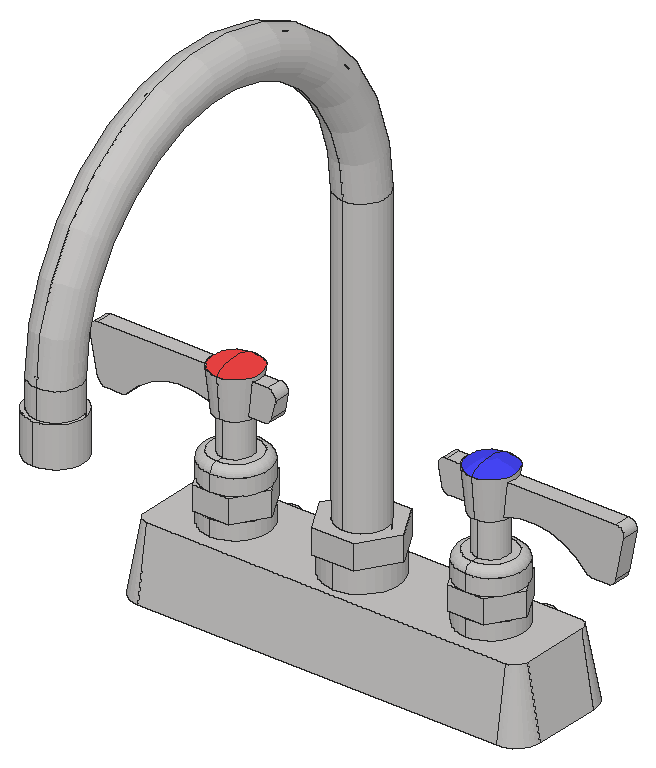
Revit family "Krowne_15-301L_DeckMount_Faucet", category Plumbing Fixtures, Revit 2018
Family settings
  Round Connector Dimension = Use Diameter
  Part Type = Normal
  OmniClass Number = 23.40.40.00
  OmniClass Title = Food Service Equipment and Furnishings
  Work Plane-Based = No
  Always vertical = Yes
  Cut with Voids When Loaded = No
  Shared = No
  Room Calculation Point = No
Parameters (values of type "DefaultType")
  Width = 8 3/8"
  Weight in Pounds = 5
  Watermarked By = ""
  Waste Water Discharge Temperature [instance] = -459.67 °F
  URL Cutsheet = ""
  URL = "https://krowne.com/"
  Status [instance] = ""
  Specification by User [instance] = ""
  Specification by Manufacturer [instance] = ""
  Serial Number [instance] = ""
  Revision Code [instance] = ""
  Plumbing Remarks [instance] = ""
  Plumbing Connection Type = ""
  NAFEM Spec ID Number [instance] = ""
  Model = "15-301L"
  Masterspec [instance] = ""
  Manufacturer = "Krowne Metal"
  KCLRef = "KCL2C9,,0004c57e-0000-0000-0000-000000000307,KR,15-301L ,637100756200000000,8ab55cae-1b90-48c5-b1ef-5e1f8918332b,96bdacad-2577-4aff-8f1e-650bed503cc3"
  KCL SpecSheet URL = "http://kclweb.kclcad.com/imagehandler.ashx?kdoc=15-3xxl&R=KR&M=15-301L%20&VC=7&TID=KCLWeb&T=doc"
  Item Number [instance] = "-"
  Installed By [instance] = ""
  Hot Water Temperature = 100 °F
  Hot Water Size = 1/2"
  Hot Water RI Height [instance] = 0"
  Hot Water Minimum Pressure = 0.00 psi
  Hot Water Maximum Pressure = 0.00 psi
  Hot Water Flow = 1.8 GPM
  Hot Water Consumption = 0 GPM
  Hot Water Connection Height = 0"
  Height = 3 3/8"
  Furnished By [instance] = ""
  Foodservice Equipment Identifier = yes
  Description = "Deck Mount Faucet"
  Depth = 1 7/8"
  Cold Water Temperature Recommended = -459.67 °F
  Cold Water Size = 1/2"
  Cold Water RI Height [instance] = 0"
  Cold Water Minimum Pressure = 0.00 psi
  Cold Water Maximum Pressure = 0.00 psi
  Cold Water Flow = 1.8 GPM
  Cold Water Consumption = ""
  Cold Water Connection Height = 0"
  CSI MasterFormat = ""
  Assembly Code = "E1090300"
Reference planes (in)
  plane 1 "BACK": y = 0
  plane 2: z = 0
  plane 3 "LEFT": x = -16.75323
  plane 4 "RIGHT": x = -8.37823
  plane 5 "FRONT": y = -1.875
  plane 6 "TOP": z = 3.375
  plane 7 "CENTER L/R": x = -12.56573
  plane 8 "Top of Body": z = 1.0625
  plane 9: y = -0.9375
  plane 10: z = 9.8125
  plane 11: z = 5.375
  plane 12: y = -6.9375
Forms (in)
  Sweep 1, solid, material "QF_Stainless-Polished"
    path origin (-12.56573, 0, 0) x (0, 1, 0) y (0, 0, 1)
      loop
        line (-0.9375, 1.0625) -> (-0.9375, 6.4375)
        arc (-0.9375, 6.4375) -> (-3.9375, 9.4375) -> (-6.9375, 6.4375) r 3
        line (-6.9375, 6.4375) -> (-6.9375, 5.375)
    profile origin (-12.56573, -0.9375, 3.75) x (0, -1, 0) y (1, 0, 0)
      loop
        circle (0, 0) r 0.375
      loop
        circle (0, 0) r 0.25
  Extrusion 2, solid, material "QF_Stainless-Polished"
    sketch origin (0, 0, 1.0625) x (0, 1, 0) y (-1, 0, 0)
      loop
        circle (-0.9375, 12.56573) r 0.375
      loop
        circle (-0.9375, 12.56573) r 0.4375
    from 0 to 0.625
  Extrusion 3, solid, material "QF_Stainless-Polished"
    sketch origin (0, 0, 1.0625) x (0, 1, 0) y (-1, 0, 0)
      loop
        circle (-0.9375, 12.56573) r 0.5625
      loop
        circle (-0.9375, 12.56573) r 0.375
    from 0 to 0.375
  Extrusion 4, solid, material "QF_Stainless-Polished"
    sketch origin (0, 0, 1.4375) x (0, 1, 0) y (-1, 0, 0)
      loop
        line (-0.9375, 11.91391) -> (-0.37301, 12.23982) -> (-0.37301, 12.89163) -> (-0.9375, 13.21754) -> (-1.50199, 12.89163) -> (-1.50199, 12.23982) -> (-0.9375, 11.91391)
      loop
        circle (-0.9375, 12.56573) r 0.375
    from 0 to 0.375
  Extrusion 5, solid, material "QF_Stainless-Polished"
    sketch origin (-12.56573, -6.9375, 5.375) x (0, -1, 0) y (-1, 0, 0)
      loop
        circle (0, 0) r 0.375
      loop
        circle (0, 0) r 0.4375
    from 0 to -0.625
Lines and regions (in)
  symbolic lines
    curve 1: line (-12.23982, -0.37301, 0) -> (-12.89163, -0.37301, 0)
    curve 2: line (-12.89163, -0.37301, 0) -> (-13.21754, -0.9375, 0)
    curve 3: line (-13.21754, -0.9375, 0) -> (-12.94073, -1.41696, 0)
    curve 4: line (-12.19073, -1.41696, 0) -> (-11.91391, -0.9375, 0)
    curve 5: line (-11.91391, -0.9375, 0) -> (-12.23982, -0.37301, 0)
    curve 6: arc (-12.56573, -1.3125, 0) -> (-12.94073, -0.9375, 0) -> (-12.56573, -0.5625, 0) r 0.375
    curve 7: arc (-12.56573, -0.5625, 0) -> (-12.19073, -0.9375, 0) -> (-12.56573, -1.3125, 0) r 0.375
    curve 8: arc (-12.94073, -6.9375, 0) -> (-12.83089, -7.20267, 0) -> (-12.56573, -7.3125, 0) r 0.375
    curve 9: arc (-12.56573, -7.3125, 0) -> (-12.30056, -7.20267, 0) -> (-12.19073, -6.9375, 0) r 0.375
    curve 10: line (-12.94073, -6.9375, 0) -> (-12.94073, -0.9375, 0)
    curve 11: line (-12.19073, -0.9375, 0) -> (-12.19073, -6.9375, 0)
Dimensions and locks (in)
  "Width": plane 3 "LEFT" to plane 4 "RIGHT"
  "Depth": plane 5 "FRONT" to plane 1 "BACK"
  "Height": plane 6 "TOP" to plane 2
  plane 8 "Top of Body" to level = 1 1/16"
  equal spacing: plane 5 "FRONT", plane 9, plane 1 "BACK"
  equal spacing: plane 3 "LEFT", plane 7 "CENTER L/R", plane 4 "RIGHT"
  plane 10 to plane 8 "Top of Body" = 8 3/4"
  plane 11 to plane 8 "Top of Body" = 4 5/16"
  plane 12 to plane 1 "BACK" = 6 15/16"
  aligned and locked: level to plane 2
  aligned and locked: plane 9 to Sweep 1 sketch curve
  aligned and locked: Sweep 1 sketch curve to plane 12
  aligned and locked: plane 11 to Sweep 1 sketch curve
Automatic sketch dimensions
  Sweep 1 sketch curve to plane 8 "Top of Body" = 0"
  Sweep 1 sketch curve to Sweep 1 sketch curve = 0"  (x2)
  Sweep 1 sketch curve to plane 7 "CENTER L/R" = 0"
  Sweep 1 sketch curve to profile plane = 0"
  Extrusion 2 sketch curve to Extrusion 2 sketch curve = 0"  (x2)
  Extrusion 2 sketch curve to plane 7 "CENTER L/R" = 0"
  plane 9 to Extrusion 2 sketch curve = 0"
  Extrusion 4 sketch curve to Extrusion 4 sketch curve = 0"  (x2)
  Extrusion 4 sketch curve to Extrusion 4 sketch curve = 0.56449"  (x2)
  Extrusion 4 sketch curve to Extrusion 4 sketch curve = 0.32591"  (x5)
  Extrusion 4 sketch curve to Extrusion 4 sketch curve = 0.65182"
  curve 8 to curve 9 = 0"
  plane 9 to curve 2 = 0"
  plane 12 to curve 10 = 0"
  plane 9 to curve 10 = 0"
  curve 6 to plane 7 "CENTER L/R" = 0"
  plane 9 to curve 11 = 0"
  plane 9 to curve 4 = 0"
  plane 9 to curve 6 = 0"
  curve 1 to plane 7 "CENTER L/R" = 0.32591"
  curve 10 to curve 8 = 3/8"
  curve 3 to curve 10 = 0.27682"
  plane 7 "CENTER L/R" to curve 5 = 0.32591"
  curve 11 to curve 4 = 0.27682"
  plane 1 "BACK" to curve 1 = 0.37301"
  curve 3 to curve 6 = 0.10446"
  curve 4 to curve 6 = 0.10446"
  Sweep 1 sketch curve to plane 10 = 3 3/8"
  Extrusion 3 sketch curve to Extrusion 3 sketch curve = 0"  (x2)
  Extrusion 3 sketch curve to plane 7 "CENTER L/R" = 0"
  plane 9 to Extrusion 3 sketch curve = 0"
  radius of Sweep 1 sketch curve = 3/8"
  radius of Sweep 1 sketch curve = 1/4"
  radius of Extrusion 2 sketch curve = 3/8"
  radius of Extrusion 2 sketch curve = 7/16"
  radius of Extrusion 4 sketch curve to Extrusion 3 = 0"
  radius of Extrusion 5 sketch curve to Sweep 1 = 0"
  radius of Sweep 1 to Extrusion 5 sketch curve = 1/16"
  radius of Extrusion 3 sketch curve = 9/16"
  radius of Extrusion 3 sketch curve = 3/8"
Nested families (in)
  nested 1: "QF_Krowne_15-3_Body" at (-0.1875, 0, 0), type "QF_Krowne_15-3_Body"
Connectors (in)
  piping at (-14.56573, 0.25, 0.53125), diameter 0.5, driven by "Hot Water Flow", driven by "Hot Water Size"
    settings: on nested 1, index 1, connector inside diameter 24", connector length 0", flow factor 0, pipe flow 1.8 GPM, pressure drop 0.00 psi, fitting loss kfactor 0, connector angle 0.00°, fixture units 0, engagement length 0", angle of deflection 0.00°, flow configuration 1, flow direction 1, fitting loss method 0, system type 19, joint type 0, gender type 0, connector reference index -1, connector utility 0, adjustable connector no, is connector primary yes, connector description "HOT WATER"
  piping at (-10.56573, 0.25, 0.53125), diameter 0.5, driven by "Cold Water Flow", driven by "Cold Water Size"
    settings: on nested 1, index 2, connector inside diameter 24", connector length 0", flow factor 0, pipe flow 1.8 GPM, pressure drop 0.00 psi, fitting loss kfactor 0, connector angle 0.00°, fixture units 0, engagement length 0", angle of deflection 0.00°, flow configuration 1, flow direction 1, fitting loss method 0, system type 20, joint type 0, gender type 0, connector reference index -1, connector utility 0, adjustable connector no, is connector primary no, connector description "COLD WATER"
Definition of nested family "QF_Krowne_15-3_Body"
  Parameters (values of type "QF_Krowne_15-3_Body")
    Width = 8 5/16"
    Watermarked By = ""
    Height = 3 7/8"
    Description = ""
    Depth = 1 13/16"
  Reference planes (in)
    plane 1 "BACK": y = 0
    plane 2: z = 0
    plane 3 "LEFT": x = -16.53448
    plane 4 "RIGHT": x = -8.22198
    plane 5 "TOP": z = 3.1875
    plane 6 "Center": x = -12.37823
    plane 7 "Left of Handle": x = -14.37823
    plane 8 "Right of Handle": x = -10.37823
    plane 9 "Top of Body": z = 1.0625
    plane 10 "FRONT": y = -1.8125
    plane 11: x = -15.56573
    plane 12: x = -9.19073
    plane 13 "Faucet Handle Center": y = -0.90625
    plane 14: y = -0.78125
    plane 15: y = -1.03125
    plane 16: z = 0.53125
    plane 17: z = 3.375
  Forms (in)
    Blend 1, solid
      base sketch origin (0, 0, 0) x (1, 0, 0) y (0, 1, 0)
        loop
          line (-15.19073, -1.8125) -> (-9.56573, -1.8125)
          arc (-9.56573, -1.8125) -> (-9.30056, -1.70267) -> (-9.19073, -1.4375) r 0.375
          line (-9.19073, -1.4375) -> (-9.19073, -0.375)
          arc (-9.19073, -0.375) -> (-9.30056, -0.10983) -> (-9.56573, 0) r 0.375
          line (-9.56573, 0) -> (-15.19073, 0)
          arc (-15.19073, 0) -> (-15.45589, -0.10983) -> (-15.56573, -0.375) r 0.375
          line (-15.56573, -0.375) -> (-15.56573, -1.4375)
          arc (-15.56573, -1.4375) -> (-15.45589, -1.70267) -> (-15.19073, -1.8125) r 0.375
      top sketch origin (0, 0, 0) x (1, 0, 0) y (0, 1, 0)
        loop
          arc (-15.37823, -1.4375) -> (-15.32331, -1.57008) -> (-15.19073, -1.625) r 0.1875
          line (-15.19073, -1.625) -> (-9.56573, -1.625)
          arc (-9.56573, -1.625) -> (-9.43314, -1.57008) -> (-9.37823, -1.4375) r 0.1875
          line (-9.37823, -1.4375) -> (-9.37823, -0.375)
          arc (-9.37823, -0.375) -> (-9.43314, -0.24242) -> (-9.56573, -0.1875) r 0.1875
          line (-9.56573, -0.1875) -> (-15.19073, -0.1875)
          arc (-15.19073, -0.1875) -> (-15.32331, -0.24242) -> (-15.37823, -0.375) r 0.1875
          line (-15.37823, -0.375) -> (-15.37823, -1.4375)
      from 0 to 1.0625
    Extrusion 2, solid
      sketch origin (0, 0, 1.0625) x (0, 1, 0) y (-1, 0, 0)
        loop
          circle (-0.90625, 14.37823) r 0.5
        loop
          circle (-0.90625, 10.37823) r 0.5
      from 0 to 0.25
    Extrusion 3, solid
      sketch origin (0, 0, 1.3125) x (0, 1, 0) y (-1, 0, 0)
        loop
          line (-0.90625, 13.81573) -> (-0.41911, 14.09698) -> (-0.41911, 14.65948) -> (-0.90625, 14.94073) -> (-1.39339, 14.65948) -> (-1.39339, 14.09698) -> (-0.90625, 13.81573)
        loop
          line (-0.90625, 9.81573) -> (-0.41911, 10.09698) -> (-0.41911, 10.65948) -> (-0.90625, 10.94073) -> (-1.39339, 10.65948) -> (-1.39339, 10.09698) -> (-0.90625, 9.81573)
      from 0 to 0.375
    Revolve 4, solid
      sketch origin (-14.37823, 0, 0) x (0, 1, 0) y (0, 0, 1)
        loop
          line (-0.90625, 1.6875) -> (-0.40625, 1.6875) -> (-0.40625, 1.9375)
          arc (-0.40625, 1.9375) -> (-0.44286, 2.02589) -> (-0.53125, 2.0625) r 0.125
          line (-0.53125, 2.0625) -> (-0.90625, 2.0625) -> (-0.90625, 1.6875)
        axis (-0.90625, 1.6875) -> (-0.90625, 2.0625)
      angle from 0 to 360
    Revolve 5, solid
      sketch origin (-10.37823, 0, 0) x (0, 1, 0) y (0, 0, 1)
        loop
          line (-0.90625, 1.6875) -> (-0.40625, 1.6875) -> (-0.40625, 1.9375)
          arc (-0.40625, 1.9375) -> (-0.44286, 2.02589) -> (-0.53125, 2.0625) r 0.125
          line (-0.53125, 2.0625) -> (-0.90625, 2.0625) -> (-0.90625, 1.6875)
        axis (-0.90625, 1.6875) -> (-0.90625, 2.0625)
      angle from 0 to 360
    Revolve 6, solid
      sketch origin (-10.37823, 0, 0) x (0, 1, 0) y (0, 0, 1)
        loop
          line (-0.90625, 2.0625) -> (-0.65625, 2.0625) -> (-0.65625, 2.625) -> (-0.90625, 2.625) -> (-0.90625, 2.0625)
        axis (-0.90625, 2.0625) -> (-0.90625, 2.625)
      angle from 0 to 360
    Revolve 7, solid
      sketch origin (-14.37823, 0, 0) x (0, 1, 0) y (0, 0, 1)
        loop
          line (-0.90625, 2.0625) -> (-0.65625, 2.0625) -> (-0.65625, 2.625) -> (-0.90625, 2.625) -> (-0.90625, 2.0625)
        axis (-0.90625, 2.0625) -> (-0.90625, 2.625)
      angle from 0 to 360
    Revolve 8, solid
      sketch origin (-14.37823, 0, 0) x (0, 1, 0) y (0, 0, 1)
        loop
          line (-0.90625, 2.625) -> (-0.59375, 2.625) -> (-0.53125, 3.25) -> (-0.90625, 3.25) -> (-0.90625, 2.625)
        axis (-0.90625, 2.625) -> (-0.90625, 3.25)
      angle from 0 to 360
    Revolve 9, solid
      sketch origin (-10.37823, 0, 0) x (0, 1, 0) y (0, 0, 1)
        loop
          line (-0.90625, 2.625) -> (-0.59375, 2.625) -> (-0.53125, 3.25) -> (-0.90625, 3.25) -> (-0.90625, 2.625)
        axis (-0.90625, 2.625) -> (-0.90625, 3.25)
      angle from 0 to 360
    Revolve 10, solid
      sketch origin (-14.37823, 0, 0) x (0, 1, 0) y (0, 0, 1)
        loop
          line (-0.90625, 3.25) -> (-0.53125, 3.25)
          arc (-0.53125, 3.25) -> (-0.70704, 3.34763) -> (-0.90625, 3.375) r 0.54601
          line (-0.90625, 3.375) -> (-0.90625, 3.25)
        axis (-0.90625, 3.25) -> (-0.90625, 3.375)
      angle from 0 to 360
    Revolve 11, solid
      sketch origin (-10.37823, 0, 0) x (0, 1, 0) y (0, 0, 1)
        loop
          line (-0.90625, 3.25) -> (-0.53125, 3.25)
          arc (-0.53125, 3.25) -> (-0.70704, 3.34763) -> (-0.90625, 3.375) r 0.54601
          line (-0.90625, 3.375) -> (-0.90625, 3.25)
        axis (-0.90625, 3.25) -> (-0.90625, 3.375)
      angle from 0 to 360
    Extrusion 12, solid
      sketch origin (0, 0, 0) x (1, 0, 0) y (0, 0, 1)
        loop
          circle (-14.37823, 0.53125) r 0.25
        loop
          circle (-10.37823, 0.53125) r 0.25
      from 0.21074 to -0.25
    Extrusion 13, solid
      sketch origin (0, -0.90625, 0) x (1, 0, 0) y (0, 0, 1)
        loop
          arc (-16.43825, 3.1875) -> (-16.53492, 3.14175) -> (-16.56082, 3.03799) r 0.125
          line (-16.56082, 3.03799) -> (-16.43584, 2.41303)
          arc (-16.43584, 2.41303) -> (-16.39251, 2.34087) -> (-16.31326, 2.31254) r 0.125
          line (-16.31326, 2.31254) -> (-16.06338, 2.31254)
          arc (-16.06338, 2.31254) -> (-16.01059, 2.32423) -> (-15.96768, 2.35712) r 0.125
          arc (-15.96768, 2.35712) -> (-15.39497, 2.72229) -> (-14.7163, 2.69449) r 1.13354
          arc (-14.7163, 2.69449) -> (-14.69547, 2.68898) -> (-14.674, 2.68712) r 0.125
          line (-14.674, 2.68712) -> (-13.83077, 2.68712)
          arc (-13.83077, 2.68712) -> (-13.75152, 2.71545) -> (-13.7082, 2.78761) r 0.125
          line (-13.7082, 2.78761) -> (-13.65813, 3.03799)
          arc (-13.65813, 3.03799) -> (-13.68403, 3.14175) -> (-13.7807, 3.1875) r 0.125
          line (-13.7807, 3.1875) -> (-16.43825, 3.1875)
        loop
          line (-8.3182, 3.1875) -> (-10.97575, 3.1875)
          arc (-10.97575, 3.1875) -> (-11.07242, 3.14175) -> (-11.09832, 3.03799) r 0.125
          line (-11.09832, 3.03799) -> (-11.04825, 2.78761)
          arc (-11.04825, 2.78761) -> (-11.00493, 2.71545) -> (-10.92568, 2.68712) r 0.125
          line (-10.92568, 2.68712) -> (-10.08245, 2.68712)
          arc (-10.08245, 2.68712) -> (-10.06098, 2.68898) -> (-10.04015, 2.69449) r 0.125
          arc (-10.04015, 2.69449) -> (-9.36148, 2.72229) -> (-8.78877, 2.35712) r 1.13354
          arc (-8.78877, 2.35712) -> (-8.74586, 2.32423) -> (-8.69307, 2.31254) r 0.125
          line (-8.69307, 2.31254) -> (-8.44319, 2.31254)
          arc (-8.44319, 2.31254) -> (-8.36394, 2.34087) -> (-8.32061, 2.41303) r 0.125
          line (-8.32061, 2.41303) -> (-8.19563, 3.03799)
          arc (-8.19563, 3.03799) -> (-8.22153, 3.14175) -> (-8.3182, 3.1875) r 0.125
      from -0.125 to 0.125
  Lines and regions (in)
    symbolic lines
      curve 1: line (-16.56082, -0.78125, 1.0625) -> (-13.6557, -0.78125, 1.0625)
      curve 2: line (-16.56082, -1.03125, 1.0625) -> (-16.56082, -0.78125, 1.0625)
      curve 3: line (-13.6557, -1.03125, 1.0625) -> (-16.56082, -1.03125, 1.0625)
      curve 4: line (-13.6557, -0.78125, 1.0625) -> (-13.6557, -1.03125, 1.0625)
      curve 5: line (-8.22198, -0.78125, 1.0625) -> (-11.10075, -0.78125, 1.0625)
      curve 6: line (-8.22198, -1.03125, 1.0625) -> (-8.22198, -0.78125, 1.0625)
      curve 7: line (-11.10075, -1.03125, 1.0625) -> (-8.22198, -1.03125, 1.0625)
      curve 8: line (-11.10075, -0.78125, 1.0625) -> (-11.10075, -1.03125, 1.0625)
      curve 9: line (-9.56573, 0, 1.0625) -> (-15.19073, 0, 1.0625)
      curve 10: line (-9.19073, -1.4375, 1.0625) -> (-9.19073, -1.03125, 1.0625)
      curve 11: line (-15.19073, -1.8125, 1.0625) -> (-9.56573, -1.8125, 1.0625)
      curve 12: line (-15.56573, -0.375, 1.0625) -> (-15.56573, -0.78125, 1.0625)
      curve 13: line (-15.56573, -1.03125, 1.0625) -> (-15.56573, -1.4375, 1.0625)
      curve 14: line (-9.19073, -0.78125, 1.0625) -> (-9.19073, -0.375, 1.0625)
      curve 15: line (-14.65948, -0.41911, 1.0625) -> (-14.86856, -0.78125, 1.0625)
      curve 16: line (-14.65948, -0.41911, 1.0625) -> (-14.09698, -0.41911, 1.0625)
      curve 17: line (-14.09698, -0.41911, 1.0625) -> (-13.88789, -0.78125, 1.0625)
      curve 18: line (-14.09698, -1.39339, 1.0625) -> (-14.65948, -1.39339, 1.0625)
      curve 19: line (-14.65948, -1.39339, 1.0625) -> (-14.86856, -1.03125, 1.0625)
      curve 20: line (-14.09698, -1.39339, 1.0625) -> (-13.88789, -1.03125, 1.0625)
      curve 21: line (-10.65948, -0.41911, 1.0625) -> (-10.09698, -0.41911, 1.0625)
      curve 22: line (-10.09698, -0.41911, 1.0625) -> (-9.88789, -0.78125, 1.0625)
      curve 23: line (-10.65948, -0.41911, 1.0625) -> (-10.86856, -0.78125, 1.0625)
      curve 24: line (-10.09698, -1.39339, 1.0625) -> (-10.65948, -1.39339, 1.0625)
      curve 25: line (-10.65948, -1.39339, 1.0625) -> (-10.86856, -1.03125, 1.0625)
      curve 26: line (-10.09698, -1.39339, 1.0625) -> (-9.88789, -1.03125, 1.0625)
      curve 27: arc (-15.56573, -0.375, 1.0625) -> (-15.45589, -0.10983, 1.0625) -> (-15.19073, 0, 1.0625) r 0.375
      curve 28: arc (-9.19073, -0.375, 1.0625) -> (-9.30056, -0.10983, 1.0625) -> (-9.56573, 0, 1.0625) r 0.375
      curve 29: arc (-9.19073, -1.4375, 1.0625) -> (-9.30056, -1.70267, 1.0625) -> (-9.56573, -1.8125, 1.0625) r 0.375
      curve 30: arc (-15.19073, -1.8125, 1.0625) -> (-15.45589, -1.70267, 1.0625) -> (-15.56573, -1.4375, 1.0625) r 0.375
      curve 31: line (-9.56573, -0.1875, 1.0625) -> (-15.19073, -0.1875, 1.0625)
      curve 32: arc (-15.19073, -0.1875, 1.0625) -> (-15.32331, -0.24242, 1.0625) -> (-15.37823, -0.375, 1.0625) r 0.1875
      curve 33: arc (-15.37823, -1.4375, 1.0625) -> (-15.32331, -1.57008, 1.0625) -> (-15.19073, -1.625, 1.0625) r 0.1875
      curve 34: line (-15.19073, -1.625, 1.0625) -> (-9.56573, -1.625, 1.0625)
      curve 35: arc (-9.56573, -1.625, 1.0625) -> (-9.43314, -1.57008, 1.0625) -> (-9.37823, -1.4375, 1.0625) r 0.1875
      curve 36: arc (-9.37823, -0.375, 1.0625) -> (-9.43314, -0.24242, 1.0625) -> (-9.56573, -0.1875, 1.0625) r 0.1875
      curve 37: line (-9.37823, -0.375, 1.0625) -> (-9.37823, -0.78125, 1.0625)
      curve 38: line (-9.37823, -1.4375, 1.0625) -> (-9.37823, -1.03125, 1.0625)
      curve 39: line (-15.37823, -1.4375, 1.0625) -> (-15.37823, -1.03125, 1.0625)
      curve 40: line (-15.37823, -0.375, 1.0625) -> (-15.37823, -0.78125, 1.0625)
  Dimensions and locks (in)
    "Width": plane 3 "LEFT" to plane 4 "RIGHT"
    equal spacing: plane 3 "LEFT", plane 6 "Center", plane 4 "RIGHT"
    equal spacing: plane 7 "Left of Handle", plane 6 "Center", plane 8 "Right of Handle"
    plane 9 "Top of Body" to level = 1 1/16"
    equal spacing: plane 10 "FRONT", plane 13 "Faucet Handle Center", plane 1 "BACK"
    equal spacing: plane 15, plane 13 "Faucet Handle Center", plane 14
    locked: plane 15 to plane 14 at 0.25
    equal spacing: plane 9 "Top of Body", plane 16, level
    plane 7 "Left of Handle" to plane 8 "Right of Handle" = 4"
    "Depth": plane 10 "FRONT" to plane 1 "BACK"
    plane 6 "Center" to plane 12 = 3 3/16"
    plane 11 to plane 6 "Center" = 3 3/16"
    plane 5 "TOP" to level = 3 3/16"
    plane 17 to level = 3 3/8"
    aligned and locked: level to plane 2
    aligned and locked: plane 9 "Top of Body" to Blend 1
    aligned and locked: Extrusion 3 to Revolve 5 sketch curve
    aligned and locked: Revolve 8 sketch curve to Revolve 8 sketch curve
    aligned and locked: Revolve 9 sketch curve to Revolve 9 sketch curve
    aligned and locked: plane 4 "RIGHT" to curve 6
    aligned and locked: curve 12 to plane 11
    aligned and locked: Extrusion 13 sketch curve to plane 5 "TOP"
    aligned and locked: plane 5 "TOP" to Extrusion 13 sketch curve
    aligned and locked: Extrusion 13 to plane 14
    aligned and locked: plane 15 to Extrusion 13
    aligned and locked: plane 10 "FRONT" to Blend 1 sketch curve
    aligned and locked: Blend 1 sketch curve to plane 11
    aligned and locked: plane 10 "FRONT" to curve 11
    aligned and locked: plane 13 "Faucet Handle Center" to Revolve 5 sketch curve
  Automatic sketch dimensions
    Extrusion 2 sketch curve to plane 8 "Right of Handle" = 0"
    plane 13 "Faucet Handle Center" to Extrusion 2 sketch curve = 0"  (x2)
    Extrusion 2 sketch curve to plane 7 "Left of Handle" = 0"
    Revolve 4 sketch curve to plane 13 "Faucet Handle Center" = 0"  (x2)
    Revolve 4 sketch curve to Revolve 4 sketch curve = 3/8"
    Revolve 4 sketch curve to Revolve 4 sketch curve = 1/8"
    plane 9 "Top of Body" to Revolve 4 sketch curve = 5/8"
    Revolve 4 sketch curve to Revolve 4 sketch curve = 1/4"
    Revolve 4 sketch curve to Revolve 4 sketch curve = 0"  (x2)
    Revolve 5 sketch curve to plane 13 "Faucet Handle Center" = 0"
    Revolve 5 sketch curve to Revolve 5 sketch curve = 3/8"
    Revolve 5 sketch curve to Revolve 5 sketch curve = 1/8"
    Revolve 5 sketch curve to Revolve 5 sketch curve = 0"  (x2)
    Revolve 5 sketch curve to Revolve 5 sketch curve = 1/4"
    Revolve 6 sketch curve to plane 13 "Faucet Handle Center" = 0"  (x2)
    Revolve 6 sketch curve to plane 13 "Faucet Handle Center" = 1/4"
    plane 9 "Top of Body" to Revolve 6 sketch curve = 1"
    Revolve 6 sketch curve to Revolve 6 sketch curve = 9/16"
    Revolve 6 sketch curve to Revolve 6 sketch curve = 3/8"
    Revolve 6 sketch curve to Revolve 6 sketch curve = 0"
    Revolve 7 sketch curve to plane 13 "Faucet Handle Center" = 0"  (x2)
    Revolve 7 sketch curve to Revolve 7 sketch curve = 1/4"
    plane 9 "Top of Body" to Revolve 7 sketch curve = 1"
    Revolve 7 sketch curve to Revolve 7 sketch curve = 9/16"
    Revolve 7 sketch curve to Revolve 7 sketch curve = 3/8"
    Revolve 7 sketch curve to Revolve 7 sketch curve = 0"
    Revolve 8 sketch curve to plane 13 "Faucet Handle Center" = 0"
    Revolve 8 sketch curve to Revolve 8 sketch curve = 5/16"
    plane 5 "TOP" to Revolve 8 sketch curve = 1/16"
    Revolve 8 sketch curve to Revolve 8 sketch curve = 3/8"
    Revolve 8 sketch curve to plane 5 "TOP" = 9/16"
    Revolve 8 sketch curve to Revolve 8 sketch curve = 0"  (x2)
    Revolve 9 sketch curve to plane 13 "Faucet Handle Center" = 0"
    Revolve 9 sketch curve to plane 13 "Faucet Handle Center" = 5/16"
    plane 5 "TOP" to Revolve 9 sketch curve = 1/16"
    Revolve 9 sketch curve to plane 13 "Faucet Handle Center" = 3/8"
    Revolve 9 sketch curve to plane 5 "TOP" = 9/16"
    Revolve 9 sketch curve to Revolve 9 sketch curve = 0"  (x2)
    Revolve 10 sketch curve to plane 13 "Faucet Handle Center" = 0"  (x2)
    Revolve 10 sketch curve to plane 13 "Faucet Handle Center" = 0.02655"
    plane 5 "TOP" to Revolve 10 sketch curve = 1/16"
    Revolve 10 sketch curve to Revolve 10 sketch curve = 3/8"
    Revolve 10 sketch curve to plane 5 "TOP" = 0.35786"
    Revolve 10 sketch curve to Revolve 10 sketch curve = 0"  (x2)
    Revolve 11 sketch curve to plane 13 "Faucet Handle Center" = 0"  (x2)
    Revolve 11 sketch curve to plane 13 "Faucet Handle Center" = 0.02655"
    plane 5 "TOP" to Revolve 11 sketch curve = 1/16"
    Revolve 11 sketch curve to Revolve 11 sketch curve = 3/8"
    Revolve 11 sketch curve to plane 5 "TOP" = 0.35786"
    Revolve 11 sketch curve to Revolve 11 sketch curve = 0"  (x2)
    Extrusion 12 sketch curve to plane 7 "Left of Handle" = 0"
    Extrusion 12 sketch curve to plane 8 "Right of Handle" = 0"
    Extrusion 12 sketch curve to plane 16 = 0"  (x2)
    Extrusion 13 sketch curve to plane 7 "Left of Handle" = 0.29578"
    plane 11 to Extrusion 13 sketch curve = 0.46583"
    plane 3 "LEFT" to Extrusion 13 sketch curve = 0.4711"
    plane 3 "LEFT" to Extrusion 13 sketch curve = 0.22121"
    plane 3 "LEFT" to Extrusion 13 sketch curve = 0.09864"
    plane 3 "LEFT" to Extrusion 13 sketch curve = 0.09623"
    Extrusion 13 sketch curve to plane 3 "LEFT" = 0.02635"
    plane 7 "Left of Handle" to Extrusion 13 sketch curve = 0.54745"
    Extrusion 13 sketch curve to plane 5 "TOP" = 1/8"  (x2)
    Extrusion 13 sketch curve to Extrusion 13 sketch curve = 0.05007"  (x2)
    Extrusion 13 sketch curve to plane 5 "TOP" = 0.39989"
    Extrusion 13 sketch curve to Extrusion 13 sketch curve = 0.12257"  (x2)
    Extrusion 13 sketch curve to plane 5 "TOP" = 0.14951"  (x4)
    Extrusion 13 sketch curve to plane 8 "Right of Handle" = 0.7201"
    plane 8 "Right of Handle" to Extrusion 13 sketch curve = 0.29578"
    Extrusion 13 sketch curve to plane 12 = 0.46583"
    Extrusion 13 sketch curve to plane 4 "RIGHT" = 0.4711"
    Extrusion 13 sketch curve to plane 4 "RIGHT" = 0.22121"
    Extrusion 13 sketch curve to plane 4 "RIGHT" = 0.09864"
    Extrusion 13 sketch curve to plane 4 "RIGHT" = 0.09623"
    plane 4 "RIGHT" to Extrusion 13 sketch curve = 0.02635"
    Extrusion 13 sketch curve to Extrusion 13 sketch curve = 0.25038"
    Extrusion 13 sketch curve to Extrusion 13 sketch curve = 0.10049"  (x2)
    Extrusion 13 sketch curve to plane 5 "TOP" = 0.74996"  (x2)
    Extrusion 13 sketch curve to Extrusion 13 sketch curve = 0"  (x4)
    Extrusion 13 sketch curve to Extrusion 13 sketch curve = 0.02451"  (x2)
    plane 9 "Top of Body" to Extrusion 13 sketch curve = 0.56533"  (x2)
    Extrusion 13 sketch curve to Extrusion 13 sketch curve = 1/8"  (x2)
    plane 11 to Blend 1 sketch curve = 3/8"
    Blend 1 sketch curve to Blend 1 sketch curve = 3/8"
    plane 1 "BACK" to Blend 1 sketch curve = 3/8"  (x2)
    Blend 1 sketch curve to plane 12 = 3/8"
    Blend 1 sketch curve to plane 12 = 3/16"
    Blend 1 sketch curve to Blend 1 sketch curve = 3/16"  (x4)
    plane 11 to Blend 1 sketch curve = 3/16"
    Blend 1 sketch curve to plane 10 "FRONT" = 3/8"
    plane 1 "BACK" to Blend 1 sketch curve = 0"
    Blend 1 sketch curve to plane 12 = 0"
    curve 27 to curve 32 = 0"  (x2)
    curve 28 to curve 36 = 0"  (x2)
    curve 29 to curve 35 = 0"  (x2)
    curve 30 to curve 33 = 0"  (x2)
    curve 30 to plane 11 = 0"
    curve 29 to plane 12 = 0"
    plane 15 to curve 4 = 0"
    plane 15 to curve 26 = 0"
    plane 14 to curve 40 = 0"
    plane 14 to curve 23 = 0"
    curve 14 to plane 12 = 0"
    plane 1 "BACK" to curve 9 = 0"
    curve 34 to plane 10 "FRONT" = 3/16"
    curve 33 to curve 33 = 3/16"
    curve 34 to curve 35 = 3/16"
    plane 15 to curve 26 = 0.36214"
    plane 15 to curve 20 = 0.36214"
    curve 17 to plane 14 = 0.36214"
    curve 23 to plane 14 = 0.36214"
    curve 27 to curve 27 = 3/8"
    plane 1 "BACK" to curve 14 = 3/8"
    curve 31 to curve 28 = 3/16"
    plane 8 "Right of Handle" to curve 22 = 9/32"
    plane 8 "Right of Handle" to curve 24 = 9/32"
    curve 24 to plane 8 "Right of Handle" = 9/32"
    curve 21 to plane 8 "Right of Handle" = 9/32"
    curve 21 to curve 8 = 0.44128"
    plane 7 "Left of Handle" to curve 4 = 0.72253"
    plane 7 "Left of Handle" to curve 20 = 9/32"
    plane 7 "Left of Handle" to curve 17 = 9/32"
    curve 19 to plane 7 "Left of Handle" = 9/32"
    curve 16 to plane 7 "Left of Handle" = 9/32"
    curve 2 to plane 3 "LEFT" = 0.02635"
    curve 22 to curve 21 = 0.20908"
    curve 26 to curve 22 = 0"
    curve 23 to curve 5 = 0.2322"
    curve 25 to curve 7 = 0.2322"
    curve 3 to curve 20 = 0.2322"
    curve 1 to curve 17 = 0.2322"
    curve 18 to curve 19 = 0.20908"
    curve 15 to curve 19 = 0"
    Extrusion 3 sketch curve to Extrusion 3 sketch curve = 0"
    Extrusion 3 sketch curve to Extrusion 3 sketch curve = 0.48714"  (x6)
    Extrusion 3 sketch curve to Extrusion 3 sketch curve = 9/32"  (x6)
    Extrusion 3 sketch curve to Extrusion 3 sketch curve = 9/16"  (x4)
    Extrusion 3 sketch curve to Extrusion 3 sketch curve = 2 7/8"
    radius of Extrusion 2 sketch curve = 1/2"  (x2)
    radius of Extrusion 12 sketch curve = 1/4"  (x2)
